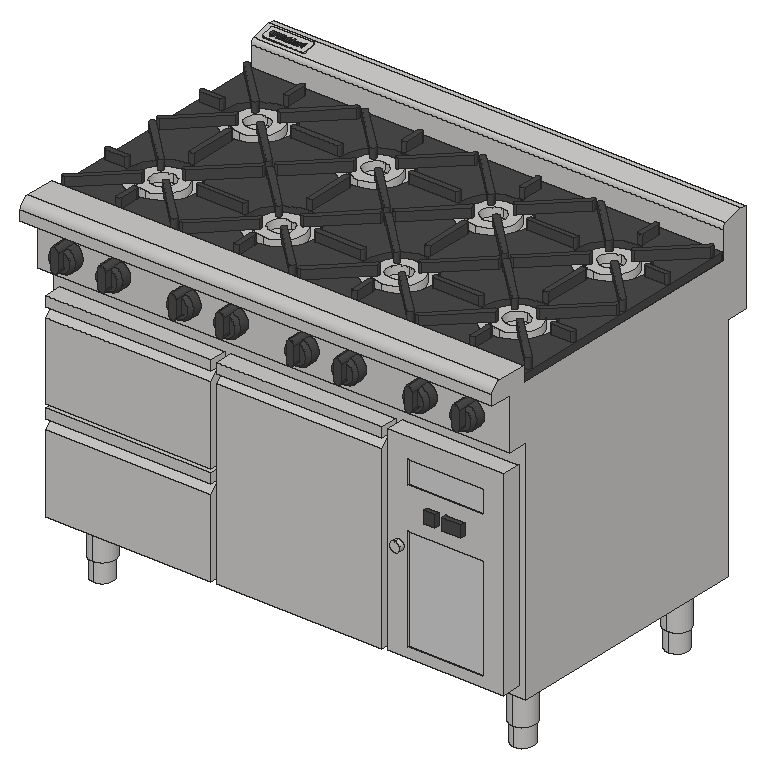
Revit family "QF_MOFFAT WALDORF_RNL8800G-RB", category Specialty Equipment, Revit 2012 (continued)
Lines and regions (mm)
  symbolic lines
    curve 14: line (269.562, -50.782, 0) -> (289.562, -50.782, 0)
    curve 15: line (289.562, -50.782, 0) -> (289.562, -20.984, 0)
    curve 16: line (289.562, -20.984, 0) -> (269.562, -20.984, 0)
    curve 17: line (329.562, -20.984, 0) -> (329.562, -50.782, 0)
    curve 18: line (329.562, -50.782, 0) -> (349.562, -50.782, 0)
    curve 19: line (349.562, -50.782, 0) -> (349.562, -20.984, 0)
    curve 20: line (349.562, -20.984, 0) -> (329.562, -20.984, 0)
    curve 21: line (389.563, -50.782, 0) -> (389.563, -20.984, 0)
    curve 22: line (389.563, -20.984, 0) -> (409.563, -20.984, 0)
    curve 23: line (409.563, -20.984, 0) -> (409.563, -50.782, 0)
    curve 24: line (409.563, -50.782, 0) -> (389.563, -50.782, 0)
    curve 25: line (449.563, -20.984, 0) -> (449.563, -50.782, 0)
    curve 26: line (449.563, -50.782, 0) -> (469.563, -50.782, 0)
    curve 27: line (469.563, -50.782, 0) -> (469.563, -20.984, 0)
    curve 28: line (469.563, -20.984, 0) -> (449.563, -20.984, 0)
    curve 29: line (509.563, -20.984, 0) -> (509.563, -50.782, 0)
    curve 30: line (509.563, -50.782, 0) -> (529.563, -50.782, 0)
    curve 31: line (529.563, -50.782, 0) -> (529.563, -20.984, 0)
    curve 32: line (529.563, -20.984, 0) -> (509.563, -20.984, 0)
    curve 33: line (569.563, -50.782, 0) -> (569.563, -20.984, 0)
    curve 34: line (569.563, -20.984, 0) -> (589.563, -20.984, 0)
    curve 35: line (589.563, -20.984, 0) -> (589.563, -50.782, 0)
    curve 36: line (589.563, -50.782, 0) -> (569.563, -50.782, 0)
    curve 37: line (629.563, -20.984, 0) -> (629.563, -50.782, 0)
    curve 38: line (629.563, -50.782, 0) -> (649.563, -50.782, 0)
    curve 39: line (649.563, -50.782, 0) -> (649.563, -20.984, 0)
    curve 40: line (649.563, -20.984, 0) -> (629.563, -20.984, 0)
    curve 41: line (689.563, -20.984, 0) -> (689.563, -50.782, 0)
    curve 42: line (689.563, -50.782, 0) -> (709.563, -50.782, 0)
    curve 43: line (709.563, -50.782, 0) -> (709.563, -20.984, 0)
    curve 44: line (709.563, -20.984, 0) -> (689.563, -20.984, 0)
    curve 45: line (749.563, -50.782, 0) -> (749.563, -20.984, 0)
    curve 46: line (749.563, -20.984, 0) -> (769.563, -20.984, 0)
    curve 47: line (769.563, -20.984, 0) -> (769.563, -50.782, 0)
    curve 48: line (769.563, -50.782, 0) -> (749.563, -50.782, 0)
    curve 49: line (809.563, -20.984, 0) -> (809.563, -50.782, 0)
    curve 50: line (809.563, -50.782, 0) -> (829.563, -50.782, 0)
    curve 51: line (829.563, -50.782, 0) -> (829.563, -20.984, 0)
    curve 52: line (829.563, -20.984, 0) -> (809.563, -20.984, 0)
    curve 53: line (869.563, -20.984, 0) -> (869.563, -50.782, 0)
    curve 54: line (869.563, -50.782, 0) -> (889.563, -50.782, 0)
    curve 55: line (889.563, -50.782, 0) -> (889.563, -20.984, 0)
    curve 56: line (889.563, -20.984, 0) -> (869.563, -20.984, 0)
    curve 57: line (929.563, -50.782, 0) -> (929.563, -20.984, 0)
    curve 58: line (929.563, -20.984, 0) -> (949.563, -20.984, 0)
    curve 59: line (949.563, -20.984, 0) -> (949.563, -50.782, 0)
    curve 60: line (949.563, -50.782, 0) -> (929.563, -50.782, 0)
    curve 61: line (989.563, -20.984, 0) -> (989.563, -50.782, 0)
    curve 62: line (989.563, -50.782, 0) -> (1009.563, -50.782, 0)
    curve 63: line (1009.563, -50.782, 0) -> (1009.563, -20.984, 0)
    curve 64: line (1009.563, -20.984, 0) -> (989.563, -20.984, 0)
    curve 65: arc (150, -153.418, 0) -> (234.082, -237.5, 0) -> (150, -321.582, 0) r 84.082
    curve 66: arc (150, -321.582, 0) -> (65.918, -237.5, 0) -> (150, -153.418, 0) r 84.082
    curve 67: arc (150, -294.5, 0) -> (207, -237.5, 0) -> (150, -180.5, 0) r 57
    curve 68: arc (150, -180.5, 0) -> (93, -237.5, 0) -> (150, -294.5, 0) r 57
    curve 69: arc (450, -321.582, 0) -> (365.918, -237.5, 0) -> (450, -153.418, 0) r 84.082
    curve 70: arc (450, -153.418, 0) -> (534.082, -237.5, 0) -> (450, -321.582, 0) r 84.082
    curve 71: arc (450, -180.5, 0) -> (393, -237.5, 0) -> (450, -294.5, 0) r 57
    curve 72: arc (450, -294.5, 0) -> (507, -237.5, 0) -> (450, -180.5, 0) r 57
    curve 73: arc (450, -621.582, 0) -> (365.918, -537.5, 0) -> (450, -453.418, 0) r 84.082
    curve 74: arc (450, -453.418, 0) -> (534.082, -537.5, 0) -> (450, -621.582, 0) r 84.082
    curve 75: arc (450, -480.5, 0) -> (393, -537.5, 0) -> (450, -594.5, 0) r 57
    curve 76: arc (450, -594.5, 0) -> (507, -537.5, 0) -> (450, -480.5, 0) r 57
    curve 77: arc (150, -453.418, 0) -> (234.082, -537.5, 0) -> (150, -621.582, 0) r 84.082
    curve 78: arc (150, -621.582, 0) -> (65.918, -537.5, 0) -> (150, -453.418, 0) r 84.082
    curve 79: arc (150, -594.5, 0) -> (207, -537.5, 0) -> (150, -480.5, 0) r 57
    curve 80: arc (150, -480.5, 0) -> (93, -537.5, 0) -> (150, -594.5, 0) r 57
    curve 81: arc (750, -153.418, 0) -> (834.082, -237.5, 0) -> (750, -321.582, 0) r 84.082
    curve 82: arc (750, -321.582, 0) -> (665.918, -237.5, 0) -> (750, -153.418, 0) r 84.082
    curve 83: arc (750, -294.5, 0) -> (807, -237.5, 0) -> (750, -180.5, 0) r 57
    curve 84: arc (750, -180.5, 0) -> (693, -237.5, 0) -> (750, -294.5, 0) r 57
    curve 85: arc (750, -453.418, 0) -> (834.082, -537.5, 0) -> (750, -621.582, 0) r 84.082
    curve 86: arc (750, -621.582, 0) -> (665.918, -537.5, 0) -> (750, -453.418, 0) r 84.082
    curve 87: arc (750, -594.5, 0) -> (807, -537.5, 0) -> (750, -480.5, 0) r 57
    curve 88: arc (750, -480.5, 0) -> (693, -537.5, 0) -> (750, -594.5, 0) r 57
    curve 89: arc (1050, -321.582, 0) -> (965.918, -237.5, 0) -> (1050, -153.418, 0) r 84.082
    curve 90: arc (1050, -153.418, 0) -> (1134.082, -237.5, 0) -> (1050, -321.582, 0) r 84.082
    curve 91: arc (1050, -294.5, 0) -> (1107, -237.5, 0) -> (1050, -180.5, 0) r 57
    curve 92: arc (1050, -180.5, 0) -> (993, -237.5, 0) -> (1050, -294.5, 0) r 57
    curve 93: arc (1050, -621.582, 0) -> (965.918, -537.5, 0) -> (1050, -453.418, 0) r 84.082
    curve 94: arc (1050, -453.418, 0) -> (1134.082, -537.5, 0) -> (1050, -621.582, 0) r 84.082
    curve 95: arc (1050, -480.5, 0) -> (993, -537.5, 0) -> (1050, -594.5, 0) r 57
    curve 96: arc (1050, -594.5, 0) -> (1107, -537.5, 0) -> (1050, -480.5, 0) r 57
    curve 97: line (149.548, -91.559, 0) -> (149.548, -150.474, 0)
    curve 98: line (292.985, -93.673, 0) -> (177.661, -208.996, 0)
    curve 99: line (6.308, -93.805, 0) -> (122.981, -210.478, 0)
    curve 100: line (4.051, -237.21, 0) -> (62.934, -237.21, 0)
    curve 101: line (237.206, -237.685, 0) -> (362.206, -237.685, 0)
    curve 102: line (177.414, -264.855, 0) -> (292.362, -379.803, 0)
    curve 103: line (121.919, -265.123, 0) -> (7.026, -380.016, 0)
    curve 104: line (149.925, -324.847, 0) -> (149.925, -444.847, 0)
    curve 105: line (149.548, -683.441, 0) -> (149.548, -624.526, 0)
    curve 106: line (292.985, -681.327, 0) -> (177.661, -566.004, 0)
    curve 107: line (6.308, -681.195, 0) -> (122.981, -564.522, 0)
    curve 108: line (4.051, -537.79, 0) -> (62.934, -537.79, 0)
    curve 109: line (237.206, -537.315, 0) -> (362.206, -537.315, 0)
    curve 110: line (177.414, -510.145, 0) -> (292.362, -395.197, 0)
    curve 111: line (121.919, -509.877, 0) -> (7.026, -394.984, 0)
    curve 112: line (450.452, -91.559, 0) -> (450.452, -150.474, 0)
    curve 113: line (307.015, -93.673, 0) -> (422.339, -208.996, 0)
    curve 114: line (593.692, -93.805, 0) -> (477.019, -210.478, 0)
    curve 115: line (422.586, -264.855, 0) -> (307.638, -379.803, 0)
    curve 116: line (478.081, -265.123, 0) -> (592.974, -380.016, 0)
    curve 117: line (450.075, -324.847, 0) -> (450.075, -444.847, 0)
    curve 118: line (450.452, -683.441, 0) -> (450.452, -624.526, 0)
    curve 119: line (307.015, -681.327, 0) -> (422.339, -566.004, 0)
    curve 120: line (593.692, -681.195, 0) -> (477.019, -564.522, 0)
    curve 121: line (362.794, -537.315, 0) -> (237.794, -537.315, 0)
    curve 122: line (422.586, -510.145, 0) -> (307.638, -395.197, 0)
    curve 123: line (478.081, -509.877, 0) -> (592.974, -394.984, 0)
    curve 124: arc (1050, -153.418, 0) -> (965.918, -237.5, 0) -> (1050, -321.582, 0) r 84.082
    curve 125: arc (1050, -321.582, 0) -> (1134.082, -237.5, 0) -> (1050, -153.418, 0) r 84.082
    curve 126: arc (1050, -294.5, 0) -> (993, -237.5, 0) -> (1050, -180.5, 0) r 57
    curve 127: arc (1050, -180.5, 0) -> (1107, -237.5, 0) -> (1050, -294.5, 0) r 57
    curve 128: arc (750, -321.582, 0) -> (834.082, -237.5, 0) -> (750, -153.418, 0) r 84.082
    curve 129: arc (750, -153.418, 0) -> (665.918, -237.5, 0) -> (750, -321.582, 0) r 84.082
    curve 130: arc (750, -180.5, 0) -> (807, -237.5, 0) -> (750, -294.5, 0) r 57
    curve 131: arc (750, -294.5, 0) -> (693, -237.5, 0) -> (750, -180.5, 0) r 57
    curve 132: arc (750, -621.582, 0) -> (834.082, -537.5, 0) -> (750, -453.418, 0) r 84.082
    curve 133: arc (750, -453.418, 0) -> (665.918, -537.5, 0) -> (750, -621.582, 0) r 84.082
    curve 134: arc (750, -480.5, 0) -> (807, -537.5, 0) -> (750, -594.5, 0) r 57
    curve 135: arc (750, -594.5, 0) -> (693, -537.5, 0) -> (750, -480.5, 0) r 57
    curve 136: arc (1050, -453.418, 0) -> (965.918, -537.5, 0) -> (1050, -621.582, 0) r 84.082
    curve 137: arc (1050, -621.582, 0) -> (1134.082, -537.5, 0) -> (1050, -453.418, 0) r 84.082
    curve 138: arc (1050, -594.5, 0) -> (993, -537.5, 0) -> (1050, -480.5, 0) r 57
    curve 139: arc (1050, -480.5, 0) -> (1107, -537.5, 0) -> (1050, -594.5, 0) r 57
    curve 140: line (1050.452, -91.559, 0) -> (1050.452, -150.474, 0)
    curve 141: line (907.015, -93.673, 0) -> (1022.339, -208.996, 0)
    curve 142: line (1195.949, -237.21, 0) -> (1137.066, -237.21, 0)
    curve 143: line (962.794, -237.685, 0) -> (837.794, -237.685, 0)
    curve 144: line (1022.586, -264.855, 0) -> (907.638, -379.803, 0)
    curve 145: line (1078.081, -265.123, 0) -> (1192.974, -380.016, 0)
    curve 146: line (1050.075, -324.847, 0) -> (1050.075, -444.847, 0)
    curve 147: line (1050.452, -683.441, 0) -> (1050.452, -624.526, 0)
    curve 148: line (907.015, -681.327, 0) -> (1022.339, -566.004, 0)
    curve 149: line (1193.692, -681.195, 0) -> (1077.019, -564.522, 0)
    curve 150: line (1195.949, -537.79, 0) -> (1137.066, -537.79, 0)
    curve 151: line (962.794, -537.315, 0) -> (837.794, -537.315, 0)
    curve 152: line (1022.586, -510.145, 0) -> (907.638, -395.197, 0)
    curve 153: line (1078.081, -509.877, 0) -> (1192.974, -394.984, 0)
    curve 154: line (749.548, -91.559, 0) -> (749.548, -150.474, 0)
    curve 155: line (892.985, -93.673, 0) -> (777.661, -208.996, 0)
    curve 156: line (606.308, -93.805, 0) -> (722.981, -210.478, 0)
    curve 157: line (777.414, -264.855, 0) -> (892.362, -379.803, 0)
    curve 158: line (721.919, -265.123, 0) -> (607.026, -380.016, 0)
    curve 159: line (749.925, -324.847, 0) -> (749.925, -444.847, 0)
    curve 160: line (749.548, -683.441, 0) -> (749.548, -624.526, 0)
    curve 161: line (892.985, -681.327, 0) -> (777.661, -566.004, 0)
    curve 162: line (606.308, -681.195, 0) -> (722.981, -564.522, 0)
    curve 163: line (837.206, -537.315, 0) -> (962.206, -537.315, 0)
    curve 164: line (777.414, -510.145, 0) -> (892.362, -395.197, 0)
    curve 165: line (721.919, -509.877, 0) -> (607.026, -394.984, 0)
    curve 166: line (1192.985, -93.673, 0) -> (1077.661, -208.996, 0)
    curve 167: line (537.5, -237.685, 0) -> (662.5, -237.685, 0)
    curve 168: line (663.089, -537.315, 0) -> (538.089, -537.315, 0)
    curve 169: line (0, -387.5, 0) -> (1200, -387.5, 0)
    curve 170: line (300.379, -70, 0) -> (300.379, -705, 0)
    curve 171: line (600, -70, 0) -> (600, -705, 0)
    curve 172: line (900, -70, 0) -> (900, -705, 0)
    curve 173: line (1200, -805, 0) -> (1200, 0, 0)
    curve 174: line (0, -805, 0) -> (1200, -805, 0)
    curve 175: line (0, 0, 0) -> (0, -805, 0)
    curve 176: line (1200, -705, 0) -> (0, -705, 0)
    curve 177: line (0, -70, 0) -> (1200, -70, 0)
    curve 178: line (1200, 0, 0) -> (0, 0, 0)
  symbolic lines, style "QF_Door-Drawer Clearances"
    curve 179: line (19, -805, 150) -> (19, -1051.8, 150)
    curve 180: line (19, -1051.8, 150) -> (439, -1051.8, 150)
    curve 181: line (439, -1051.8, 150) -> (439, -805, 150)
    curve 182: arc (512.99, -963.316, 150) -> (477.409, -888.095, 150) -> (457.356, -807.336, 150) r 420
    curve 183: line (776.472, -805, 150) -> (512.99, -963.316, 150)
  symbolic lines, style "SpecialityEquipment"
    curve 184: arc (150, -207.5, 150) -> (180, -237.5, 150) -> (150, -267.5, 150) r 30
    curve 185: arc (150, -267.5, 150) -> (120, -237.5, 150) -> (150, -207.5, 150) r 30
    curve 186: arc (450, -207.5, 150) -> (480, -237.5, 150) -> (450, -267.5, 150) r 30
    curve 187: arc (450, -267.5, 150) -> (420, -237.5, 150) -> (450, -207.5, 150) r 30
    curve 188: arc (750, -267.5, 150) -> (720, -237.5, 150) -> (750, -207.5, 150) r 30
    curve 189: arc (750, -207.5, 150) -> (780, -237.5, 150) -> (750, -267.5, 150) r 30
    curve 190: arc (1050, -267.5, 150) -> (1020, -237.5, 150) -> (1050, -207.5, 150) r 30
    curve 191: arc (1050, -207.5, 150) -> (1080, -237.5, 150) -> (1050, -267.5, 150) r 30
    curve 192: arc (1050, -507.5, 150) -> (1080, -537.5, 150) -> (1050, -567.5, 150) r 30
    curve 193: arc (1050, -567.5, 150) -> (1020, -537.5, 150) -> (1050, -507.5, 150) r 30
    curve 194: arc (750, -507.5, 150) -> (780, -537.5, 150) -> (750, -567.5, 150) r 30
    curve 195: arc (750, -567.5, 150) -> (720, -537.5, 150) -> (750, -507.5, 150) r 30
    curve 196: arc (450, -507.5, 150) -> (480, -537.5, 150) -> (450, -567.5, 150) r 30
    curve 197: arc (450, -567.5, 150) -> (420, -537.5, 150) -> (450, -507.5, 150) r 30
    curve 198: arc (150, -507.5, 150) -> (180, -537.5, 150) -> (150, -567.5, 150) r 30
    curve 199: arc (150, -567.5, 150) -> (120, -537.5, 150) -> (150, -507.5, 150) r 30
Dimensions and locks
  equal spacing: plane 3 "LEFT", plane 7 "Center Y", plane 4 "RIGHT"
  plane 3 "LEFT" to plane 4 "RIGHT" = 1200.0 mm
  equal spacing: plane 5 "FRONT", plane 8 "Center X", plane 1 "BACK"
  plane 5 "FRONT" to plane 1 "BACK" = 805.0 mm
  "Base Height": plane 9 "Base Height" to level
  plane 6 "TOP" to level = 970.0 mm
  plane 10 to plane 11 = 1069.0 mm
  "Body Height": plane 12 to level
  Extrusion 7 sketch curve to plane 13 = 64.8 mm
  Revolve 13 sketch curve to Revolve 13 sketch curve to Revolve 15 = 11.0 mm locked, 23.0 mm locked
  level to Extrusion 4 = 655.0 mm
  Extrusion 1 to Extrusion 25 = 19.0 mm
  Extrusion 26 sketch curve to Extrusion 26 sketch curve = 294.0 mm
  plane 15 to level = 402.0 mm
  plane 17 to plane 18 = 490.0 mm
  aligned and locked: level to plane 2
  aligned and locked: Extrusion 1 to Revolve 13 sketch curve
Automatic sketch dimensions
  curve 65 to curve 67 = 0.0 mm  (x2)
  curve 69 to curve 71 = 0.0 mm  (x2)
  curve 73 to curve 75 = 0.0 mm
  curve 74 to curve 76 = 0.0 mm
  curve 77 to curve 79 = 0.0 mm  (x2)
  curve 81 to curve 83 = 0.0 mm  (x2)
  curve 81 to curve 128 = 0.0 mm  (x3)
  curve 81 to curve 130 = 0.0 mm  (x2)
  curve 85 to curve 87 = 0.0 mm  (x2)
  curve 85 to curve 132 = 0.0 mm
  curve 85 to curve 134 = 0.0 mm  (x2)
  curve 86 to curve 133 = 0.0 mm
  curve 89 to curve 91 = 0.0 mm  (x2)
  curve 90 to curve 127 = 0.0 mm
  curve 91 to curve 126 = 0.0 mm  (x2)
  curve 93 to curve 95 = 0.0 mm  (x2)
  curve 94 to curve 136 = 0.0 mm
  curve 96 to curve 139 = 0.0 mm
  curve 125 to curve 127 = 0.0 mm  (x2)
  curve 137 to curve 139 = 0.0 mm  (x2)
  curve 171 to plane 7 "Center Y" = 0.0 mm
  curve 169 to plane 4 "RIGHT" = 0.0 mm
  plane 3 "LEFT" to curve 100 = 4.051 mm
  plane 3 "LEFT" to curve 108 = 4.051 mm
  plane 3 "LEFT" to curve 107 = 6.308 mm
  plane 3 "LEFT" to curve 99 = 6.308 mm
  plane 3 "LEFT" to curve 111 = 7.026 mm
  plane 3 "LEFT" to curve 103 = 7.026 mm
  plane 3 "LEFT" to curve 3 = 12.5 mm
  curve 100 to plane 11 = 2.066 mm
  curve 108 to plane 11 = 2.066 mm
  plane 11 to curve 4 = 56.5 mm
  plane 11 to curve 103 = 56.919 mm
  plane 11 to curve 111 = 56.919 mm
  curve 111 to curve 107 = 1.062 mm
  curve 103 to curve 99 = 1.062 mm
  curve 99 to curve 97 = 26.567 mm
  plane 11 to curve 105 = 84.548 mm
  curve 2 to curve 5 = 28.062 mm
  curve 103 to curve 104 = 28.006 mm
  curve 104 to curve 80 = 0.075 mm
  curve 104 to curve 68 = 0.075 mm
  curve 5 to curve 7 = 20.0 mm
  curve 65 to curve 102 = 27.414 mm
  curve 77 to curve 110 = 27.414 mm
  curve 67 to curve 98 = 27.661 mm
  curve 79 to curve 106 = 27.661 mm
  curve 6 to curve 9 = 40.0 mm
  curve 9 to curve 12 = 20.0 mm
  curve 102 to curve 101 = 59.792 mm
  curve 110 to curve 109 = 59.792 mm
  curve 109 to curve 121 = 0.589 mm  (x2)
  curve 10 to curve 13 = 40.0 mm
  curve 13 to curve 16 = 20.0 mm
  plane 8 "Center X" to curve 110 = 7.303 mm
  curve 104 to curve 110 = 142.437 mm
  plane 8 "Center X" to curve 102 = 22.697 mm
  curve 102 to curve 110 = 0.0 mm
  curve 105 to curve 106 = 143.437 mm
  plane 1 "BACK" to curve 98 = 93.673 mm
  curve 14 to curve 98 = 3.422 mm
  curve 14 to curve 170 = 10.817 mm
  curve 98 to curve 113 = 14.03 mm
  curve 106 to curve 119 = 14.03 mm
  plane 8 "Center X" to curve 122 = 7.303 mm
  curve 110 to curve 122 = 15.277 mm
  plane 8 "Center X" to curve 115 = 22.697 mm
  curve 102 to curve 115 = 15.277 mm
  curve 15 to curve 20 = 40.0 mm
  curve 17 to curve 19 = 20.0 mm
  curve 101 to curve 101 = 125.0 mm
  curve 121 to curve 109 = 124.411 mm
  curve 19 to curve 22 = 40.0 mm
  curve 21 to curve 23 = 20.0 mm
  curve 101 to curve 113 = 60.133 mm
  curve 121 to curve 119 = 59.544 mm
  curve 113 to curve 115 = 0.248 mm
  curve 119 to curve 122 = 0.248 mm
  curve 22 to curve 25 = 40.0 mm
  curve 122 to curve 73 = 27.414 mm
  curve 113 to curve 72 = 27.661 mm
  curve 74 to curve 117 = 0.075 mm
  curve 70 to curve 112 = 0.452 mm
  curve 73 to curve 118 = 0.452 mm
  curve 25 to curve 27 = 20.0 mm
  curve 73 to curve 120 = 27.019 mm
  curve 69 to curve 114 = 27.019 mm
  curve 73 to curve 123 = 28.081 mm
  curve 69 to curve 116 = 28.081 mm
  curve 26 to curve 30 = 40.0 mm
  curve 29 to curve 31 = 20.0 mm
  curve 167 to plane 7 "Center Y" = 62.5 mm
  curve 168 to plane 7 "Center Y" = 61.911 mm
  curve 33 to plane 7 "Center Y" = 30.437 mm
  curve 35 to plane 7 "Center Y" = 10.437 mm
  curve 123 to plane 7 "Center Y" = 7.026 mm
  curve 116 to plane 7 "Center Y" = 7.026 mm
  curve 120 to plane 7 "Center Y" = 6.308 mm
  curve 114 to plane 7 "Center Y" = 6.308 mm
  plane 7 "Center Y" to curve 156 = 6.308 mm
  plane 7 "Center Y" to curve 162 = 6.308 mm
  plane 7 "Center Y" to curve 165 = 7.026 mm
  plane 7 "Center Y" to curve 158 = 7.026 mm
  plane 7 "Center Y" to curve 37 = 29.563 mm
  curve 37 to curve 38 = 20.0 mm
  plane 7 "Center Y" to curve 167 = 62.5 mm
  plane 7 "Center Y" to curve 168 = 63.089 mm
  curve 38 to curve 41 = 40.0 mm
  curve 41 to curve 43 = 20.0 mm
  curve 167 to curve 158 = 59.419 mm
  curve 168 to curve 165 = 58.83 mm
  curve 158 to curve 156 = 1.062 mm
  curve 165 to curve 162 = 1.062 mm
  curve 162 to curve 160 = 26.567 mm
  curve 156 to curve 154 = 26.567 mm
  curve 43 to curve 45 = 40.0 mm
  curve 158 to curve 159 = 28.006 mm
  curve 159 to curve 128 = 0.075 mm
  curve 162 to curve 133 = 27.019 mm
  curve 45 to curve 47 = 20.0 mm
  curve 85 to curve 164 = 27.414 mm
  curve 81 to curve 157 = 27.414 mm
  curve 84 to curve 155 = 27.661 mm
  curve 134 to curve 161 = 27.661 mm
  curve 47 to curve 50 = 40.0 mm
  curve 49 to curve 51 = 20.0 mm
  curve 164 to curve 163 = 59.792 mm
  curve 163 to curve 151 = 0.589 mm  (x2)
  curve 157 to curve 143 = 60.381 mm
  curve 51 to curve 53 = 40.0 mm
  curve 53 to curve 55 = 20.0 mm
  plane 8 "Center X" to curve 164 = 7.303 mm
  curve 159 to curve 164 = 142.437 mm
  plane 8 "Center X" to curve 157 = 22.697 mm
  curve 157 to curve 164 = 0.0 mm
  curve 160 to curve 161 = 143.437 mm
  plane 1 "BACK" to curve 155 = 93.673 mm
  curve 54 to curve 155 = 3.422 mm
  curve 54 to curve 172 = 10.438 mm
  curve 161 to curve 148 = 14.03 mm
  plane 1 "BACK" to curve 141 = 93.673 mm
  curve 155 to curve 141 = 14.03 mm
  plane 8 "Center X" to curve 144 = 22.697 mm
  curve 157 to curve 144 = 15.277 mm
  plane 8 "Center X" to curve 152 = 7.303 mm
  curve 164 to curve 152 = 15.277 mm
  curve 55 to curve 58 = 40.0 mm
  curve 57 to curve 60 = 20.0 mm
  curve 151 to curve 163 = 124.411 mm
  curve 143 to curve 143 = 125.0 mm
  curve 59 to curve 62 = 40.0 mm
  curve 61 to curve 63 = 20.0 mm
  curve 143 to curve 141 = 59.544 mm
  curve 151 to curve 148 = 59.544 mm
  curve 148 to curve 152 = 0.248 mm
  curve 141 to curve 144 = 0.248 mm
  curve 148 to curve 139 = 27.661 mm
  curve 144 to curve 92 = 27.414 mm
  curve 125 to curve 146 = 0.075 mm
  curve 137 to curve 147 = 0.452 mm
  curve 62 to curve 140 = 40.89 mm
  curve 136 to curve 149 = 27.019 mm
  curve 126 to curve 166 = 27.661 mm
  curve 136 to curve 153 = 28.081 mm
  curve 124 to curve 145 = 28.081 mm
  plane 10 to curve 150 = 3.066 mm
  plane 10 to curve 142 = 3.066 mm
  plane 4 "RIGHT" to curve 145 = 7.026 mm
  plane 4 "RIGHT" to curve 153 = 7.026 mm
  plane 4 "RIGHT" to curve 166 = 7.015 mm
  plane 4 "RIGHT" to curve 149 = 6.308 mm
  plane 4 "RIGHT" to curve 150 = 4.051 mm
  plane 4 "RIGHT" to curve 142 = 4.051 mm
  curve 159 to plane 8 "Center X" = 42.347 mm
  curve 146 to plane 8 "Center X" = 42.347 mm
  curve 117 to plane 8 "Center X" = 42.347 mm
  curve 104 to plane 8 "Center X" = 42.347 mm
  curve 94 to curve 146 = 8.57 mm
  curve 73 to curve 117 = 8.57 mm
  curve 86 to curve 159 = 8.57 mm
  curve 137 to curve 94 = 0.0 mm
  curve 77 to curve 104 = 8.57 mm
  curve 133 to curve 86 = 0.0 mm
  curve 79 to curve 77 = 27.082 mm
  curve 96 to curve 93 = 27.082 mm
  curve 88 to curve 85 = 27.082 mm
  curve 75 to curve 73 = 27.082 mm
  curve 139 to curve 95 = 0.0 mm
  curve 135 to curve 87 = 0.0 mm
  curve 153 to curve 138 = 29.377 mm
  curve 123 to curve 75 = 29.377 mm
  curve 111 to curve 79 = 29.377 mm
  curve 165 to curve 134 = 29.377 mm
  curve 152 to curve 95 = 29.645 mm
  curve 122 to curve 76 = 29.645 mm
  curve 110 to curve 79 = 29.645 mm
  curve 164 to curve 88 = 29.645 mm
  curve 168 to curve 165 = 27.439 mm
  curve 151 to curve 164 = 27.171 mm
  curve 109 to curve 110 = 27.171 mm
  curve 163 to curve 151 = 0.0 mm
  curve 109 to curve 121 = 0.0 mm
  curve 73 to curve 122 = 27.355 mm
  curve 133 to curve 164 = 27.355 mm
  curve 95 to curve 152 = 27.355 mm
  curve 77 to curve 110 = 27.355 mm
  curve 150 to curve 153 = 27.913 mm
  curve 108 to curve 111 = 27.913 mm
  curve 149 to curve 136 = 27.022 mm
  curve 107 to curve 77 = 27.022 mm
  curve 120 to curve 73 = 27.022 mm
  curve 162 to curve 85 = 27.022 mm
  curve 95 to curve 148 = 28.496 mm
  curve 79 to curve 106 = 28.496 mm
  curve 75 to curve 119 = 28.496 mm
  curve 134 to curve 161 = 28.496 mm
  curve 118 to curve 74 = 2.944 mm
  curve 160 to curve 133 = 2.944 mm
  curve 105 to curve 78 = 2.944 mm
  curve 147 to curve 137 = 2.944 mm
  curve 107 to plane 5 "FRONT" = 123.805 mm
  curve 120 to curve 162 = 0.0 mm
  curve 149 to plane 5 "FRONT" = 123.805 mm
  curve 161 to curve 148 = 0.0 mm
  curve 106 to plane 5 "FRONT" = 123.673 mm
  curve 106 to curve 119 = 0.0 mm
  curve 105 to curve 105 = 58.914 mm
  curve 147 to curve 147 = 58.914 mm
  curve 118 to curve 118 = 58.914 mm
  curve 160 to curve 160 = 58.914 mm
  curve 172 to curve 148 = 23.673 mm
  curve 170 to curve 119 = 23.673 mm
  curve 171 to curve 162 = 23.805 mm
  plane 8 "Center X" to curve 123 = 7.516 mm
  plane 8 "Center X" to curve 153 = 7.516 mm
  plane 8 "Center X" to curve 165 = 7.516 mm
  plane 8 "Center X" to curve 111 = 7.516 mm
  curve 153 to curve 169 = 7.484 mm
  curve 165 to curve 158 = 14.968 mm
  curve 169 to curve 103 = 7.484 mm
  curve 169 to curve 145 = 7.484 mm
  curve 116 to curve 158 = 0.0 mm
  plane 8 "Center X" to curve 117 = 77.653 mm
  plane 8 "Center X" to curve 104 = 77.653 mm
  plane 8 "Center X" to curve 159 = 77.653 mm
  plane 8 "Center X" to curve 146 = 77.653 mm
  curve 104 to curve 65 = 3.265 mm
  curve 159 to curve 128 = 3.265 mm
  curve 146 to curve 90 = 3.265 mm
  curve 117 to curve 70 = 3.265 mm
  curve 125 to curve 90 = 0.0 mm
  curve 81 to curve 130 = 27.082 mm
  curve 84 to curve 131 = 0.0 mm
  curve 89 to curve 126 = 27.082 mm
  curve 65 to curve 68 = 27.082 mm
  curve 69 to curve 72 = 27.082 mm
  curve 127 to curve 145 = 29.377 mm
  curve 84 to curve 158 = 29.377 mm
  curve 68 to curve 103 = 29.377 mm
  curve 72 to curve 116 = 29.377 mm
  curve 130 to curve 157 = 29.645 mm
  curve 92 to curve 144 = 29.645 mm
  curve 67 to curve 102 = 29.645 mm
  curve 71 to curve 115 = 29.645 mm
  curve 102 to curve 101 = 27.171 mm
  curve 157 to curve 143 = 27.171 mm
  curve 116 to curve 167 = 27.439 mm
  curve 102 to curve 68 = 27.355 mm
  curve 115 to curve 69 = 27.355 mm
  curve 157 to curve 83 = 27.355 mm
  curve 144 to curve 127 = 27.355 mm
  curve 103 to curve 100 = 27.913 mm
  curve 145 to curve 142 = 27.913 mm
  curve 81 to curve 156 = 27.022 mm
  curve 69 to curve 114 = 27.022 mm
  curve 65 to curve 99 = 27.022 mm
  curve 166 to curve 126 = 28.496 mm
  curve 98 to curve 67 = 28.496 mm
  curve 113 to curve 72 = 28.496 mm
  curve 155 to curve 84 = 28.496 mm
  curve 141 to curve 91 = 28.496 mm
  curve 82 to curve 154 = 2.944 mm
  curve 66 to curve 97 = 2.944 mm
  curve 125 to curve 140 = 2.944 mm
  curve 70 to curve 112 = 2.944 mm
  plane 1 "BACK" to curve 99 = 93.805 mm
  curve 114 to curve 156 = 0.0 mm
  plane 1 "BACK" to curve 166 = 93.673 mm
  curve 97 to curve 97 = 58.914 mm
  curve 112 to curve 112 = 58.914 mm
  curve 154 to curve 154 = 58.914 mm
  curve 140 to curve 140 = 58.914 mm
  curve 156 to curve 171 = 23.805 mm
  curve 141 to curve 172 = 23.673 mm
  curve 113 to curve 170 = 23.673 mm
  curve 97 to curve 2 = 39.499 mm
  curve 170 to curve 18 = 19.218 mm
  plane 1 "BACK" to curve 41 = 50.782 mm
  plane 1 "BACK" to curve 62 = 50.782 mm
  curve 18 to curve 21 = 0.0 mm
  curve 42 to curve 45 = 0.0 mm
  curve 23 to curve 25 = 0.0 mm
  curve 47 to curve 49 = 0.0 mm
  curve 26 to curve 29 = 0.0 mm
  curve 39 to curve 41 = 0.0 mm
  curve 171 to curve 33 = 19.218 mm
  curve 2 to curve 5 = 1.278 mm
  curve 172 to curve 53 = 19.218 mm
  curve 172 to curve 57 = 19.218 mm
  curve 170 to curve 15 = 19.218 mm
  curve 7 to curve 12 = 0.0 mm
  plane 1 "BACK" to curve 1 = 21.784 mm
  plane 1 "BACK" to curve 63 = 20.984 mm
  plane 1 "BACK" to curve 39 = 20.984 mm
  plane 1 "BACK" to curve 9 = 20.984 mm
  plane 1 "BACK" to curve 7 = 20.984 mm
  plane 1 "BACK" to curve 13 = 20.984 mm
  plane 1 "BACK" to curve 35 = 20.984 mm
  plane 1 "BACK" to curve 59 = 20.984 mm
  plane 1 "BACK" to curve 56 = 20.984 mm
  plane 1 "BACK" to curve 52 = 20.984 mm
  plane 1 "BACK" to curve 17 = 20.984 mm
  plane 1 "BACK" to curve 32 = 20.984 mm
  plane 1 "BACK" to curve 28 = 20.984 mm
  plane 1 "BACK" to curve 23 = 20.984 mm
  plane 1 "BACK" to curve 47 = 20.984 mm
  plane 1 "BACK" to curve 44 = 20.984 mm
  plane 5 "FRONT" to curve 173 = 0.0 mm
  curve 174 to plane 3 "LEFT" = 0.0 mm
  plane 1 "BACK" to curve 175 = 0.0 mm
  Revolve 2 sketch curve to plane 6 "TOP" = 169.268 mm
  Revolve 2 sketch curve to plane 5 "FRONT" = 56.0 mm
  Revolve 2 sketch curve to plane 6 "TOP" = 136.768 mm
  Revolve 2 sketch curve to Revolve 2 sketch curve = 10.0 mm
  Revolve 2 sketch curve to Revolve 2 sketch curve = 21.3 mm
  Revolve 2 sketch curve to plane 5 "FRONT" = 23.0 mm
  Revolve 2 sketch curve to plane 5 "FRONT" = 12.0 mm
  Revolve 2 sketch curve to Revolve 2 sketch curve = 0.0 mm  (x2)
  Revolve 2 sketch curve to Revolve 2 sketch curve = 5.0 mm
  Revolve 2 sketch curve to plane 6 "TOP" = 142.617 mm
  Extrusion 3 sketch curve to plane 6 "TOP" = 142.373 mm
  plane 11 to Extrusion 3 sketch curve = 135.0 mm
  Extrusion 3 sketch curve to Extrusion 3 sketch curve = 10.0 mm
  Extrusion 3 sketch curve to plane 6 "TOP" = 181.37 mm
  plane 1 "BACK" to Extrusion 4 sketch curve = 32.0 mm
  Extrusion 4 sketch curve to plane 10 = 64.0 mm
  Revolve 5 sketch curve to plane 5 "FRONT" = 12.0 mm
  Revolve 5 sketch curve to Revolve 5 sketch curve = 0.0 mm  (x2)
  Revolve 5 sketch curve to Revolve 5 sketch curve = 11.0 mm
  Revolve 5 sketch curve to Revolve 5 sketch curve = 12.7 mm
  Revolve 5 sketch curve to Revolve 5 sketch curve = 23.0 mm
  Revolve 5 sketch curve to Revolve 5 sketch curve = 10.0 mm
  Revolve 5 sketch curve to plane 6 "TOP" = 137.0 mm
  Revolve 5 sketch curve to plane 6 "TOP" = 142.849 mm
  Revolve 5 sketch curve to plane 6 "TOP" = 164.5 mm
  Revolve 5 sketch curve to plane 6 "TOP" = 169.5 mm
  Extrusion 6 sketch curve to plane 6 "TOP" = 142.373 mm
  plane 11 to Extrusion 6 sketch curve = 35.0 mm
  Extrusion 6 sketch curve to Extrusion 6 sketch curve = 10.0 mm
  Extrusion 6 sketch curve to plane 6 "TOP" = 181.373 mm
  Extrusion 1 to Extrusion 7 sketch curve = 1.0 mm  (x2)
  Extrusion 7 sketch curve to Extrusion 7 sketch curve = 3.0 mm
  Extrusion 1 to Extrusion 7 sketch curve = 4.0 mm
  Extrusion 1 to Extrusion 7 sketch curve = 167.5 mm  (x4)
  Extrusion 7 sketch curve to Extrusion 1 = 167.5 mm  (x4)
  Extrusion 7 sketch curve to Extrusion 1 = 4.0 mm  (x2)
  Extrusion 7 sketch curve to Extrusion 1 = 1.0 mm
  Extrusion 1 to Extrusion 7 sketch curve = 150.0 mm  (x4)
  Extrusion 7 sketch curve to Extrusion 7 sketch curve = 0.0 mm
  Extrusion 8 sketch curve to Extrusion 7 = 22.602 mm  (x8)
  Extrusion 8 sketch curve to Extrusion 7 = 25.398 mm  (x8)
  Extrusion 8 sketch curve to Extrusion 8 sketch curve = 4.525 mm  (x64)
  Extrusion 8 sketch curve to Extrusion 8 sketch curve = 49.204 mm  (x7)
  Extrusion 8 sketch curve to Extrusion 8 sketch curve = 55.923 mm  (x30)
  Extrusion 8 sketch curve to Extrusion 8 sketch curve = 0.0 mm  (x26)
  Extrusion 8 sketch curve to Extrusion 8 sketch curve = 20.524 mm  (x22)
  Extrusion 8 sketch curve to Extrusion 8 sketch curve = 6.4 mm  (x22)
  Extrusion 8 sketch curve to Extrusion 8 sketch curve = 53.847 mm  (x32)
  Extrusion 8 sketch curve to Extrusion 7 = 5.102 mm  (x5)
  Extrusion 8 sketch curve to Extrusion 8 sketch curve = 128.447 mm  (x14)
  Extrusion 8 sketch curve to Extrusion 7 = 14.153 mm  (x2)
  Extrusion 8 sketch curve to Extrusion 8 sketch curve = 12.205 mm  (x20)
  Extrusion 8 sketch curve to Extrusion 8 sketch curve = 116.204 mm  (x10)
  Extrusion 8 sketch curve to Extrusion 7 = 7.898 mm  (x4)
  Extrusion 8 sketch curve to Extrusion 7 = 31.653 mm  (x5)
  Extrusion 8 sketch curve to Extrusion 7 = 57.102 mm
  Extrusion 1 to Split face 1 sketch curve = 5.177 mm
  Split face 1 sketch curve to Extrusion 1 = 9.153 mm
  Split face 1 sketch curve to Extrusion 1 = 149.562 mm
  Split face 1 sketch curve to Split face 1 sketch curve = 20.0 mm
  Revolve 9 sketch curve to plane 6 "TOP" = 169.268 mm
  Revolve 9 sketch curve to plane 5 "FRONT" = 56.0 mm
  Revolve 9 sketch curve to plane 6 "TOP" = 136.768 mm
  Revolve 9 sketch curve to Revolve 9 sketch curve = 10.0 mm
  Revolve 9 sketch curve to Revolve 9 sketch curve = 21.3 mm
  Revolve 9 sketch curve to plane 5 "FRONT" = 23.0 mm
  Revolve 9 sketch curve to plane 5 "FRONT" = 12.0 mm
  Revolve 9 sketch curve to Revolve 9 sketch curve = 0.0 mm  (x2)
  Revolve 9 sketch curve to Revolve 9 sketch curve = 5.0 mm
  Revolve 9 sketch curve to plane 6 "TOP" = 142.617 mm
  Extrusion 10 sketch curve to plane 6 "TOP" = 142.373 mm
  Extrusion 10 sketch curve to plane 7 "Center Y" = 100.0 mm
  Extrusion 10 sketch curve to Extrusion 10 sketch curve = 10.0 mm
  Extrusion 10 sketch curve to plane 6 "TOP" = 181.37 mm
  Revolve 11 sketch curve to plane 5 "FRONT" = 12.0 mm
  Revolve 11 sketch curve to Revolve 11 sketch curve = 0.0 mm  (x2)
  Revolve 11 sketch curve to Revolve 11 sketch curve = 11.0 mm
  Revolve 11 sketch curve to Revolve 11 sketch curve = 12.7 mm
  Revolve 11 sketch curve to Revolve 11 sketch curve = 23.0 mm
  Revolve 11 sketch curve to Revolve 11 sketch curve = 10.0 mm
  Revolve 11 sketch curve to plane 6 "TOP" = 137.0 mm
  Revolve 11 sketch curve to plane 6 "TOP" = 142.849 mm
  Revolve 11 sketch curve to plane 6 "TOP" = 164.5 mm
  Revolve 11 sketch curve to plane 6 "TOP" = 169.5 mm
  Extrusion 12 sketch curve to plane 6 "TOP" = 142.373 mm
  Extrusion 12 sketch curve to plane 7 "Center Y" = 200.0 mm
  Extrusion 12 sketch curve to Extrusion 12 sketch curve = 10.0 mm
  Extrusion 12 sketch curve to plane 6 "TOP" = 181.373 mm
  Revolve 13 sketch curve to Revolve 13 sketch curve = 23.0 mm
  Revolve 13 sketch curve to Revolve 13 sketch curve = 12.7 mm
  Revolve 13 sketch curve to Revolve 13 sketch curve = 0.0 mm
  Revolve 13 sketch curve to plane 6 "TOP" = 169.268 mm  (x2)
  Revolve 13 sketch curve to Revolve 13 sketch curve = 5.0 mm
  Revolve 13 sketch curve to plane 6 "TOP" = 142.617 mm
  Revolve 13 sketch curve to Revolve 13 sketch curve = 5.849 mm
  Extrusion 14 sketch curve to plane 6 "TOP" = 142.373 mm
  plane 7 "Center Y" to Extrusion 14 sketch curve = 199.375 mm
  Extrusion 14 sketch curve to Extrusion 14 sketch curve = 10.0 mm
  Extrusion 14 sketch curve to plane 6 "TOP" = 181.37 mm
  Revolve 15 sketch curve to plane 5 "FRONT" = 12.0 mm
  Revolve 15 sketch curve to Revolve 15 sketch curve = 0.0 mm  (x2)
  Revolve 15 sketch curve to Revolve 15 sketch curve = 11.0 mm
  Revolve 15 sketch curve to Revolve 15 sketch curve = 12.7 mm
  Revolve 15 sketch curve to Revolve 15 sketch curve = 23.0 mm
  Revolve 15 sketch curve to Revolve 15 sketch curve = 10.0 mm
  Revolve 15 sketch curve to plane 6 "TOP" = 137.0 mm
  Revolve 15 sketch curve to plane 6 "TOP" = 142.849 mm
  Revolve 15 sketch curve to plane 6 "TOP" = 164.5 mm
  Revolve 15 sketch curve to plane 6 "TOP" = 169.5 mm
  Extrusion 16 sketch curve to plane 6 "TOP" = 142.373 mm
  plane 7 "Center Y" to Extrusion 16 sketch curve = 99.375 mm
  Extrusion 16 sketch curve to Extrusion 16 sketch curve = 10.0 mm
  Extrusion 16 sketch curve to plane 6 "TOP" = 181.373 mm
  Revolve 17 sketch curve to plane 6 "TOP" = 169.268 mm
  Revolve 17 sketch curve to plane 5 "FRONT" = 56.0 mm
  Revolve 17 sketch curve to plane 6 "TOP" = 136.768 mm
  Revolve 17 sketch curve to Revolve 17 sketch curve = 10.0 mm
  Revolve 17 sketch curve to Revolve 17 sketch curve = 21.3 mm
  Revolve 17 sketch curve to plane 5 "FRONT" = 23.0 mm
  Revolve 17 sketch curve to plane 5 "FRONT" = 12.0 mm
  Revolve 17 sketch curve to Revolve 17 sketch curve = 0.0 mm  (x2)
  Revolve 17 sketch curve to plane 6 "TOP" = 142.617 mm
  Revolve 17 sketch curve to Revolve 17 sketch curve = 5.0 mm
  Extrusion 18 sketch curve to plane 6 "TOP" = 142.373 mm
  Extrusion 18 sketch curve to plane 10 = 134.0 mm
  Extrusion 18 sketch curve to Extrusion 18 sketch curve = 10.0 mm
  Extrusion 18 sketch curve to plane 6 "TOP" = 181.37 mm
  Revolve 19 sketch curve to plane 5 "FRONT" = 12.0 mm
  Revolve 19 sketch curve to Revolve 19 sketch curve = 0.0 mm
  Revolve 19 sketch curve to Revolve 19 sketch curve = 11.0 mm
  Revolve 19 sketch curve to Revolve 19 sketch curve = 12.7 mm
  Revolve 19 sketch curve to Revolve 19 sketch curve = 23.0 mm
  Revolve 19 sketch curve to Revolve 19 sketch curve = 10.0 mm
  Revolve 19 sketch curve to plane 6 "TOP" = 169.5 mm  (x2)
  Revolve 19 sketch curve to Revolve 19 sketch curve = 5.0 mm
  Revolve 19 sketch curve to plane 6 "TOP" = 142.849 mm
  Revolve 19 sketch curve to Revolve 19 sketch curve = 5.849 mm
  Extrusion 20 sketch curve to plane 6 "TOP" = 142.373 mm
  Extrusion 20 sketch curve to plane 10 = 34.0 mm
  Extrusion 20 sketch curve to Extrusion 20 sketch curve = 10.0 mm
  Extrusion 20 sketch curve to plane 6 "TOP" = 181.373 mm
  Extrusion 1 to Split face 2 sketch curve = 5.177 mm
  Split face 2 sketch curve to Extrusion 1 = 9.153 mm
  Split face 2 sketch curve to Extrusion 1 = 209.562 mm
  Split face 2 sketch curve to Split face 2 sketch curve = 20.0 mm
  Extrusion 1 to Split face 3 sketch curve = 5.177 mm
  Split face 3 sketch curve to Extrusion 1 = 9.153 mm
  Split face 3 sketch curve to Extrusion 1 = 269.562 mm
  Split face 3 sketch curve to Split face 3 sketch curve = 20.0 mm
  Extrusion 1 to Split face 4 sketch curve = 5.177 mm
  Split face 4 sketch curve to Extrusion 1 = 9.153 mm
  Split face 4 sketch curve to Extrusion 1 = 329.562 mm
  Split face 4 sketch curve to Split face 4 sketch curve = 20.0 mm
  Extrusion 1 to Split face 5 sketch curve = 5.177 mm
  Split face 5 sketch curve to Extrusion 1 = 9.153 mm
  Split face 5 sketch curve to Extrusion 1 = 389.563 mm
  Split face 5 sketch curve to Split face 5 sketch curve = 20.0 mm
  Extrusion 1 to Split face 6 sketch curve = 5.177 mm
  Split face 6 sketch curve to Extrusion 1 = 9.153 mm
  Split face 6 sketch curve to Extrusion 1 = 449.563 mm
  Split face 6 sketch curve to Split face 6 sketch curve = 20.0 mm
  Extrusion 1 to Split face 7 sketch curve = 5.177 mm
  Split face 7 sketch curve to Extrusion 1 = 9.153 mm
  Split face 7 sketch curve to Extrusion 1 = 509.563 mm
  Split face 7 sketch curve to Split face 7 sketch curve = 20.0 mm
  Extrusion 1 to Split face 8 sketch curve = 5.177 mm
  Split face 8 sketch curve to Extrusion 1 = 9.153 mm
  Split face 8 sketch curve to Extrusion 1 = 569.563 mm
  Split face 8 sketch curve to Split face 8 sketch curve = 20.0 mm
  Extrusion 1 to Split face 9 sketch curve = 5.177 mm
  Split face 9 sketch curve to Extrusion 1 = 9.153 mm
  Split face 9 sketch curve to Extrusion 1 = 570.437 mm
  Split face 9 sketch curve to Split face 9 sketch curve = 20.0 mm
  Extrusion 1 to Split face 10 sketch curve = 5.177 mm
  Split face 10 sketch curve to Extrusion 1 = 9.153 mm
  Split face 10 sketch curve to Extrusion 1 = 510.437 mm
  Split face 10 sketch curve to Split face 10 sketch curve = 20.0 mm
  Extrusion 1 to Split face 11 sketch curve = 5.177 mm
  Split face 11 sketch curve to Extrusion 1 = 9.153 mm
  Split face 11 sketch curve to Extrusion 1 = 450.437 mm
  Split face 11 sketch curve to Split face 11 sketch curve = 20.0 mm
  Extrusion 1 to Split face 12 sketch curve = 5.177 mm
  Split face 12 sketch curve to Extrusion 1 = 9.153 mm
  Split face 12 sketch curve to Extrusion 1 = 390.437 mm
  Split face 12 sketch curve to Split face 12 sketch curve = 20.0 mm
  Extrusion 1 to Split face 13 sketch curve = 5.177 mm
  Split face 13 sketch curve to Extrusion 1 = 9.153 mm
  Split face 13 sketch curve to Extrusion 1 = 330.437 mm
  Split face 13 sketch curve to Split face 13 sketch curve = 20.0 mm
  Extrusion 1 to Split face 14 sketch curve = 5.177 mm
  Split face 14 sketch curve to Extrusion 1 = 9.153 mm
  Split face 14 sketch curve to Extrusion 1 = 270.437 mm
  Split face 14 sketch curve to Split face 14 sketch curve = 20.0 mm
  Extrusion 1 to Split face 15 sketch curve = 5.177 mm
  Split face 15 sketch curve to Extrusion 1 = 9.153 mm
  Split face 15 sketch curve to Extrusion 1 = 210.437 mm
  Split face 15 sketch curve to Split face 15 sketch curve = 20.0 mm
  Revolve 21 sketch curve to plane 9 "Base Height" = 0.0 mm
  Revolve 21 sketch curve to level = 0.0 mm
  level to Revolve 21 sketch curve = 50.0 mm
  plane 1 "BACK" to Revolve 21 sketch curve = 166.75 mm
  Revolve 21 sketch curve to Revolve 21 sketch curve = 4.25 mm
  Revolve 21 sketch curve to Revolve 21 sketch curve = 27.5 mm  (x2)
  Revolve 21 sketch curve to Revolve 21 sketch curve = 55.0 mm
  Revolve 21 sketch curve to Revolve 21 sketch curve = 0.0 mm
  Revolve 22 sketch curve to plane 9 "Base Height" = 0.0 mm
  Revolve 22 sketch curve to level = 0.0 mm
  level to Revolve 22 sketch curve = 50.0 mm
  Revolve 22 sketch curve to plane 5 "FRONT" = 148.25 mm
  Revolve 22 sketch curve to Revolve 22 sketch curve = 4.25 mm
  Revolve 22 sketch curve to Revolve 22 sketch curve = 27.5 mm  (x2)
  Revolve 22 sketch curve to Revolve 22 sketch curve = 55.0 mm
  Revolve 22 sketch curve to Revolve 22 sketch curve = 0.0 mm
  Revolve 23 sketch curve to plane 9 "Base Height" = 0.0 mm
  Revolve 23 sketch curve to level = 0.0 mm
  level to Revolve 23 sketch curve = 50.0 mm
  plane 1 "BACK" to Revolve 23 sketch curve = 166.75 mm
  Revolve 23 sketch curve to Revolve 23 sketch curve = 4.25 mm
  Revolve 23 sketch curve to Revolve 23 sketch curve = 27.5 mm  (x2)
  Revolve 23 sketch curve to Revolve 23 sketch curve = 0.0 mm
  Revolve 23 sketch curve to Revolve 23 sketch curve = 55.0 mm
  Revolve 24 sketch curve to plane 9 "Base Height" = 0.0 mm
  Revolve 24 sketch curve to level = 0.0 mm
  level to Revolve 24 sketch curve = 50.0 mm
  Revolve 24 sketch curve to plane 5 "FRONT" = 148.25 mm
  Revolve 24 sketch curve to Revolve 24 sketch curve = 4.25 mm
  Revolve 24 sketch curve to Revolve 24 sketch curve = 27.5 mm  (x2)
  Revolve 24 sketch curve to Revolve 24 sketch curve = 0.0 mm
  Revolve 24 sketch curve to Revolve 24 sketch curve = 55.0 mm
  Extrusion 1 sketch curve to plane 5 "FRONT" = 0.0 mm
  Extrusion 1 sketch curve to plane 12 = 0.0 mm
  Extrusion 1 sketch curve to plane 6 "TOP" = 0.0 mm
  Extrusion 1 sketch curve to plane 5 "FRONT" = 24.0 mm
  Extrusion 1 sketch curve to plane 5 "FRONT" = 56.0 mm
  Extrusion 1 sketch curve to Extrusion 1 sketch curve = 44.0 mm
  plane 1 "BACK" to Extrusion 1 sketch curve = 70.0 mm
  Extrusion 1 sketch curve to Extrusion 1 sketch curve = 8.894 mm
  Extrusion 1 sketch curve to Extrusion 1 sketch curve = 3.106 mm
  Extrusion 1 sketch curve to Extrusion 1 sketch curve = 15.0 mm
  Extrusion 1 sketch curve to plane 12 = 180.0 mm
  Extrusion 1 sketch curve to Extrusion 1 sketch curve = 25.0 mm
  Extrusion 1 sketch curve to Extrusion 1 sketch curve = 40.0 mm
  Extrusion 1 sketch curve to plane 6 "TOP" = 23.945 mm
  plane 1 "BACK" to Extrusion 1 sketch curve = 57.0 mm
  Extrusion 1 sketch curve to plane 9 "Base Height" = 0.0 mm
  Extrusion 1 sketch curve to plane 1 "BACK" = 0.0 mm
  Extrusion 1 sketch curve to Extrusion 1 sketch curve = 52.0 mm
  Extrusion 1 sketch curve to Extrusion 1 sketch curve = 131.0 mm
  Extrusion 25 sketch curve to plane 5 "FRONT" = 58.0 mm  (x2)
  Extrusion 25 sketch curve to Extrusion 25 sketch curve = 0.0 mm  (x2)
  Extrusion 25 sketch curve to Extrusion 25 sketch curve = 25.0 mm  (x6)
  Extrusion 25 sketch curve to Extrusion 25 sketch curve = 44.82 mm
  Extrusion 25 sketch curve to Extrusion 25 sketch curve = 19.82 mm
  plane 9 "Base Height" to Extrusion 25 sketch curve = 24.0 mm
  Extrusion 25 sketch curve to Extrusion 25 sketch curve = 197.0 mm  (x2)
  Extrusion 25 sketch curve to Extrusion 25 sketch curve = 10.0 mm
  Extrusion 27 sketch curve to Extrusion 26 = 34.46 mm  (x2)
  Extrusion 27 sketch curve to Extrusion 27 sketch curve = 30.0 mm  (x2)
  Extrusion 27 sketch curve to Extrusion 27 sketch curve = 0.0 mm
  Extrusion 27 sketch curve to Extrusion 27 sketch curve = 17.577 mm
  Extrusion 26 to Extrusion 27 sketch curve = 47.685 mm
  Extrusion 26 to Extrusion 28 sketch curve = 39.229 mm
  Extrusion 28 sketch curve to Extrusion 26 = 27.856 mm
  Extrusion 29 sketch curve to Extrusion 26 = 0.0 mm  (x5)
  Extrusion 26 to Extrusion 29 sketch curve = 0.0 mm
  plane 9 "Base Height" to Extrusion 30 sketch curve = 24.0 mm
  Extrusion 30 sketch curve to Extrusion 30 sketch curve = 247.0 mm
  Extrusion 30 sketch curve to Extrusion 30 sketch curve = 10.0 mm
  plane 3 "LEFT" to Extrusion 30 sketch curve = 19.0 mm  (x2)
  Extrusion 30 sketch curve to plane 12 = 237.0 mm
  Extrusion 30 sketch curve to plane 7 "Center Y" = 161.0 mm
  Extrusion 30 sketch curve to Extrusion 30 sketch curve = 0.0 mm
  Extrusion 1 to Extrusion 26 sketch curve = 57.0 mm
  Extrusion 26 sketch curve to Extrusion 26 sketch curve = 50.0 mm  (x4)
  Extrusion 26 sketch curve to Extrusion 26 sketch curve = 60.0 mm
  Extrusion 26 sketch curve to Extrusion 26 sketch curve = 104.0 mm
  Extrusion 1 to Extrusion 26 sketch curve = 49.0 mm
  Extrusion 1 to Extrusion 26 sketch curve = 24.0 mm
  Extrusion 1 to Extrusion 26 sketch curve = 313.0 mm
  Extrusion 1 to Extrusion 26 sketch curve = 69.0 mm
  Extrusion 27 sketch curve to Extrusion 26 = 148.003 mm
  Extrusion 29 sketch curve to Extrusion 26 = 50.0 mm
  Extrusion 29 sketch curve to Extrusion 29 sketch curve = 0.0 mm
  Extrusion 31 sketch curve to plane 5 "FRONT" = 58.0 mm  (x2)
  Extrusion 31 sketch curve to Extrusion 31 sketch curve = 25.0 mm  (x3)
  Extrusion 31 sketch curve to Extrusion 31 sketch curve = 19.82 mm
  plane 9 "Base Height" to Extrusion 31 sketch curve = 24.0 mm
  Extrusion 31 sketch curve to Extrusion 31 sketch curve = 454.0 mm
  Extrusion 32 sketch curve to Extrusion 31 = 0.0 mm  (x2)
  Extrusion 31 to Extrusion 32 sketch curve = 0.0 mm
  plane 5 "FRONT" to curve 183 = 0.0 mm
  plane 5 "FRONT" to curve 181 = 0.0 mm
  plane 5 "FRONT" to curve 179 = 0.0 mm
  curve 182 to plane 5 "FRONT" = 58.0 mm
  curve 182 to plane 10 = 261.0 mm
  curve 182 to curve 183 = 96.528 mm
  curve 182 to plane 7 "Center Y" = 87.01 mm
  plane 5 "FRONT" to curve 182 = 2.336 mm
  curve 182 to plane 7 "Center Y" = 142.644 mm
  curve 182 to curve 181 = 18.356 mm
  plane 3 "LEFT" to curve 179 = 19.0 mm
  plane 5 "FRONT" to curve 180 = 246.8 mm
  Extrusion 33 sketch curve to Extrusion 1 = 252.0 mm
  Extrusion 1 to Extrusion 33 sketch curve = 227.0 mm
  Extrusion 7 sketch curve to Extrusion 7 sketch curve = 300.0 mm  (x3)
  Extrusion 34 sketch curve to Extrusion 34 sketch curve = 0.0 mm  (x98)
  Extrusion 1 to Extrusion 34 sketch curve = 110.5 mm  (x4)
  Extrusion 34 sketch curve to Extrusion 34 sketch curve = 27.0 mm  (x8)
  Extrusion 34 sketch curve to Extrusion 34 sketch curve = 30.0 mm  (x8)
  Extrusion 34 sketch curve to Extrusion 34 sketch curve = 186.0 mm  (x4)
  Extrusion 1 to Extrusion 34 sketch curve = 150.0 mm  (x4)
  Extrusion 34 sketch curve to Extrusion 34 sketch curve = 300.0 mm  (x2)
  plane 11 to curve 185 = 85.0 mm
  curve 185 to plane 18 = 132.5 mm
  curve 184 to curve 184 = 30.0 mm
  curve 187 to plane 7 "Center Y" = 150.0 mm
  curve 186 to plane 18 = 72.5 mm
  curve 186 to curve 186 = 30.0 mm
  plane 7 "Center Y" to curve 188 = 150.0 mm
  curve 189 to plane 18 = 72.5 mm
  curve 188 to curve 188 = 30.0 mm
  plane 16 to curve 190 = 77.0 mm
  curve 191 to plane 18 = 72.5 mm
  curve 190 to curve 190 = 30.0 mm
  plane 16 to curve 192 = 77.0 mm
  curve 193 to plane 8 "Center X" = 105.0 mm
  curve 192 to curve 192 = 30.0 mm
  plane 7 "Center Y" to curve 194 = 150.0 mm
  curve 194 to plane 8 "Center X" = 105.0 mm
  curve 194 to curve 194 = 30.0 mm
  curve 197 to plane 7 "Center Y" = 150.0 mm
  curve 197 to plane 8 "Center X" = 105.0 mm
  curve 196 to curve 196 = 30.0 mm
  curve 198 to curve 199 = 0.0 mm  (x2)
  plane 11 to curve 199 = 85.0 mm
  curve 198 to plane 8 "Center X" = 105.0 mm
  curve 198 to curve 199 = 30.0 mm
  radius of Extrusion 4 sketch curve = 13.5 mm
  radius of Extrusion 7 sketch curve = 84.082 mm  (x8)
  radius of Extrusion 28 sketch curve = 12.395 mm
  radius of Extrusion 33 sketch curve = 6.35 mm
Nested families
  nested 1: "RNL8800G-RB-CASTERS" at (65, -135, 0), Show Casters <- "Show Casters", visible <- "Show Casters", type "RNL8800G-RB-CASTERS"
    with Type Mark "", Status "", Specification by User "", Show Casters no, Revision Code "", Item Number "", Installed By "", Identify Quantity as Lot yes, Furnished By "", Foodservice Equipment Identifier yes
  nested 2: "RNL8800G-RB-CASTERS" at (1134, -135, 0), Show Casters <- "Show Casters", visible <- "Show Casters", type "RNL8800G-RB-CASTERS"
    with Type Mark "", Status "", Specification by User "", Show Casters no, Revision Code "", Item Number "", Installed By "", Identify Quantity as Lot yes, Furnished By "", Foodservice Equipment Identifier yes
  nested 3: "WALDORF LOGO_FACE BASE" at (12.753, -20.607, 968.498) x (1, 0, 0) z (0, -0.2588, 0.9659), visible <- "Show Logo", type "WALDORF LOGO_FACE BASE", detail levels medium+fine
    with Show Logo yes
Connectors
  piping at (1070, -32, 655)
    settings: on Extrusion 4, index 1, connector radius 0.37402", flow factor 0, pipe flow 0 GPM, pressure drop 0.00 psi, fitting loss kfactor 0, connector angle 0.00°, fixture units 0, engagement length 0.0 mm, flow configuration 1, flow direction 1, fitting loss method 0, system type 7, joint type 0, gender type 0, connector reference index -1, connector utility 0, adjustable connector no, is connector primary yes, fitting loss table "", connector description "GAS CONNECTION"
  electrical at (973, -55.4, 402)
    settings: on Extrusion 33, index 2, voltage 0 V, apparent load 0 VA, apparent load phase1 0 VA, apparent load phase2 0 VA, apparent load phase3 0 VA, power factor 1, load classification "Other", number of poles 1, system type 30, power factor state 1, is connector primary yes, connector utility no, sub classification motor no, connector description "ELECTRICAL CONNECTION"
Definition of nested family "WALDORF LOGO_FACE BASE"
  Parameters (values of type "WALDORF LOGO_FACE BASE")
    Show Logo [instance] = yes
    Default Elevation = 1219.2 mm
  Reference planes
    plane 1 "Center (Front/Back)": y = 0
    plane 2: z = 0
    plane 3 "Center (Left/Right)": x = 0
  Forms (mm)
    Extrusion 1, solid
      sketch origin (0, 0, 0) x (1, 0, 0) y (0, 1, 0)
        loop
          line (-1219.2, 1219.2) -> (-1219.2, -1219.2) -> (1219.2, -1219.2) -> (1219.2, 1219.2) -> (-1219.2, 1219.2)
      from 0 to -304.8
    Extrusion 2, solid, material "QF_Finishes_Stainless Steel", visible <- "Show Logo"
      sketch origin (0, -33.217, 0) x (1, 0, 0) y (0, 1, 0)
        loop
          arc (5, 34.14) -> (1.464, 32.676) -> (0, 29.14) r 5
          line (0, 29.14) -> (0, 5)
          arc (0, 5) -> (1.464, 1.464) -> (5, 0) r 5
          line (5, 0) -> (104, 0)
          arc (104, 0) -> (107.536, 1.464) -> (109, 5) r 5
          line (109, 5) -> (109, 29.14)
          arc (109, 29.14) -> (107.536, 32.676) -> (104, 34.14) r 5
          line (104, 34.14) -> (5, 34.14)
      from 0 to 1.588
    Extrusion 3, solid, material "QF_Finishes_Black", visible <- "Show Logo"
      sketch origin (0, -33.217, 1.588) x (1, 0, 0) y (0, 1, 0)
        loop
          line (24.772, 23.214) -> (27.992, 10.301) -> (31.551, 10.301) -> (33.443, 17.364) -> (35.205, 10.301) -> (39.332, 10.301) -> (42.077, 23.214) -> (38.352, 23.214) -> (36.676, 15.33) -> (35, 23.214) -> (31.752, 23.214) -> (30.076, 15.33) -> (28.4, 23.214) -> (24.772, 23.214)
        loop
          line (42.272, 17.055) -> (45.703, 17.055)
          spline (45.703, 17.055) -> (45.741, 17.285) -> (45.852, 17.499) -> (46.028, 17.682) -> (46.258, 17.823) -> (46.526, 17.912) -> (46.813, 17.942) -> (47.1, 17.912) -> (47.368, 17.823) -> (47.597, 17.682) -> (47.774, 17.499) -> (47.884, 17.285) -> (47.922, 17.055)
          line (47.922, 17.055) -> (47.922, 16.222)
          arc (47.922, 16.222) -> (45.742, 16.014) -> (43.665, 15.317) r 9.604
          arc (43.665, 15.317) -> (41.924, 12.809) -> (43.665, 10.301) r 2.677
          arc (43.665, 10.301) -> (45.527, 10.353) -> (47.332, 10.816) r 8.365
          line (47.332, 10.816) -> (48.092, 11.105) -> (48.092, 10.301) -> (51.817, 10.301) -> (51.817, 17.055)
          spline (51.817, 17.055) -> (51.654, 17.821) -> (51.178, 18.535) -> (50.419, 19.148) -> (49.431, 19.619) -> (48.28, 19.914) -> (47.044, 20.015) -> (45.809, 19.914) -> (44.658, 19.619) -> (43.67, 19.148) -> (42.911, 18.535) -> (42.434, 17.821) -> (42.272, 17.055)
        loop
          line (53.151, 23.214) -> (53.151, 10.301) -> (57.37, 10.301) -> (57.37, 23.214) -> (53.151, 23.214)
        loop
          line (64.874, 23.214) -> (64.874, 18.857)
          arc (64.874, 18.857) -> (58.083, 15.11) -> (64.874, 11.363) r 4.429
          line (64.874, 11.363) -> (64.874, 10.301) -> (68.378, 10.301) -> (68.378, 23.214) -> (64.874, 23.214)
        loop
          arc (64.874, 16.083) -> (61.41, 14.987) -> (64.874, 13.891) r 1.905
          line (64.874, 13.891) -> (64.874, 16.083)
        loop
          circle (74.623, 15.223) r 5
        loop
          spline (74.623, 17.856) -> (74.355, 17.766) -> (74.105, 17.503) -> (73.891, 17.084) -> (73.726, 16.539) -> (73.623, 15.904) -> (73.588, 15.223) -> (73.623, 14.541) -> (73.726, 13.906) -> (73.891, 13.361) -> (74.105, 12.942) -> (74.355, 12.679) -> (74.623, 12.59)
          spline (74.623, 12.59) -> (74.891, 12.679) -> (75.141, 12.942) -> (75.355, 13.361) -> (75.52, 13.906) -> (75.623, 14.541) -> (75.659, 15.223) -> (75.623, 15.904) -> (75.52, 16.539) -> (75.355, 17.084) -> (75.141, 17.503) -> (74.891, 17.766) -> (74.623, 17.856)
        loop
          line (81.255, 19.813) -> (81.255, 10.301) -> (84.834, 10.301) -> (84.834, 14.176)
          arc (84.834, 14.176) -> (85.854, 16.093) -> (88.013, 16.32) r 2.313
          line (88.013, 16.32) -> (88.013, 19.813) -> (87.161, 19.813)
          arc (87.161, 19.813) -> (85.526, 19.266) -> (84.549, 17.844) r 2.717
          line (84.549, 17.844) -> (84.549, 19.813) -> (81.255, 19.813)
        loop
          line (90.249, 19.813) -> (88.91, 19.813) -> (88.91, 17.614) -> (90.249, 17.614) -> (90.249, 10.301) -> (93.998, 10.301) -> (93.998, 17.614) -> (95.418, 17.614) -> (95.418, 19.813) -> (93.998, 19.813)
          arc (93.998, 19.813) -> (94.414, 20.817) -> (95.418, 21.233) r 1.42
          line (95.418, 21.233) -> (95.418, 23.602) -> (93.317, 23.602)
